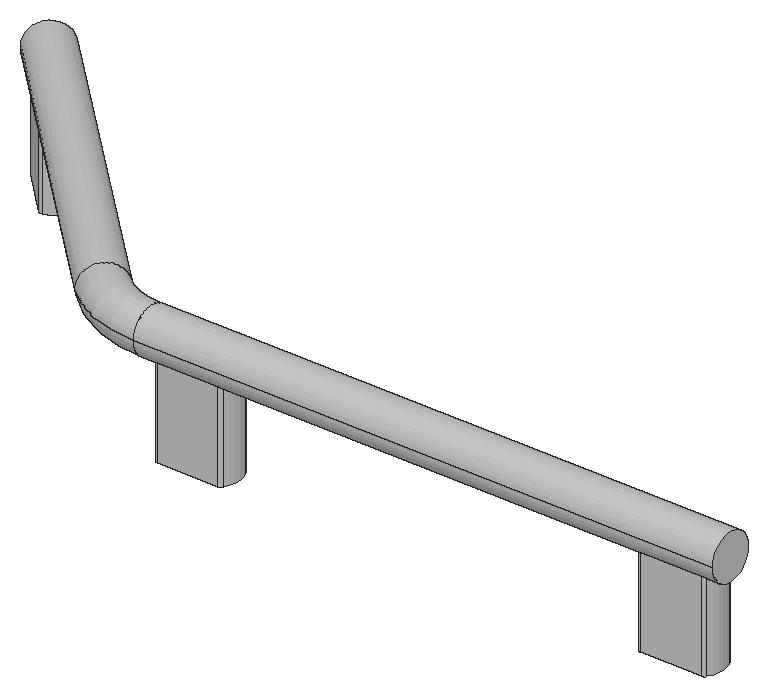
Revit family "135RH", category Plumbing Fixtures, host Face, Revit 2016
Family settings
  Host = Face
  Part Type = Normal
  Round Connector Dimension = Use Radius
  OmniClass Number = 23.40.20.21.47
  OmniClass Title = Bath Grab Bars
  Cut with Voids When Loaded = No
  Shared = No
  Room Calculation Point = No
Parameters (values of type "OPAL SUPPORT RAIL 135 DEG RH")
  Waste Connection = no
  Vent Connection = no
  URL = "https://www.caroma.com.au/"
  Rail_Height = 75 mm
  Model = "687379C"
  Material_Base = GWA_Metal-Stainless
  Manufacturer = "GWA Bathrooms & Kitchens"  # constant formula
  HW Connection = no
  Description = "Opal Support Rail 135 Deg RH"
  Default Elevation = 0 mm
  CreatedBy_ANZRS = "GWA Bathrooms & Kitchens"  # constant formula
  CW Connection = no
  Assembly Code = "C1030200"
Reference planes
  plane 1 "Center (Front/Back)": y = 0
  plane 2: z = 0
  plane 3 "Center (Left/Right)": x = 0
  plane 4 "Rail_Centre": z = 75
Forms (mm)
  Extrusion 1, solid, material "GWA_Metal-Stainless" <- "Material_Base"
    sketch origin (225, 0, 0) x (-1, 0, 0) y (0, -1, 0)
      loop
        arc (246.722, -11.5) -> (248.222, -11.098) -> (249.321, -10) r 3
        arc (249.321, -10) -> (252, 0) -> (249.321, 10) r 20
        arc (249.321, 10) -> (248.222, 11.098) -> (246.722, 11.5) r 3
        line (246.722, 11.5) -> (203.278, 11.5)
        arc (203.278, 11.5) -> (201.778, 11.098) -> (200.679, 10) r 3
        arc (200.679, 10) -> (198, 0) -> (200.679, -10) r 20
        arc (200.679, -10) -> (201.778, -11.098) -> (203.278, -11.5) r 3
        line (203.278, -11.5) -> (246.722, -11.5)
    from 0 to 75
  Extrusion 2, solid, material "GWA_Metal-Stainless" <- "Material_Base"
    sketch origin (-120, 0, 0) x (-1, 0, 0) y (0, -1, 0)
      loop
        arc (246.722, -11.5) -> (248.222, -11.098) -> (249.321, -10) r 3
        arc (249.321, -10) -> (252, 0) -> (249.321, 10) r 20
        arc (249.321, 10) -> (248.222, 11.098) -> (246.722, 11.5) r 3
        line (246.722, 11.5) -> (203.278, 11.5)
        arc (203.278, 11.5) -> (201.778, 11.098) -> (200.679, 10) r 3
        arc (200.679, 10) -> (198, 0) -> (200.679, -10) r 20
        arc (200.679, -10) -> (201.778, -11.098) -> (203.278, -11.5) r 3
        line (203.278, -11.5) -> (246.722, -11.5)
    from 0 to 75
  Extrusion 3, solid, material "GWA_Metal-Stainless" <- "Material_Base"
    sketch origin (-444.648, 34.648, 0) x (-0.707107, 0.707107, 0) y (-0.707107, -0.707107, 0)
      loop
        arc (246.722, -11.5) -> (248.222, -11.098) -> (249.321, -10) r 3
        arc (249.321, -10) -> (252, 0) -> (249.321, 10) r 20
        arc (249.321, 10) -> (248.222, 11.098) -> (246.722, 11.5) r 3
        line (246.722, 11.5) -> (203.278, 11.5)
        arc (203.278, 11.5) -> (201.778, 11.098) -> (200.679, 10) r 3
        arc (200.679, 10) -> (198, 0) -> (200.679, -10) r 20
        arc (200.679, -10) -> (201.778, -11.098) -> (203.278, -11.5) r 3
        line (203.278, -11.5) -> (246.722, -11.5)
    from 0 to 75
  Sweep 4, solid, material "GWA_Metal-Stainless" <- "Material_Base"
    path origin (0, 0, 75) x (1, 0, 0) y (0, 1, 0)
      loop
        line (33, 0) -> (-380.177, 0)
        arc (-380.177, 0) -> (-407.73, 5.481) -> (-431.088, 21.088) r 72
        line (-431.088, 21.088) -> (-627.082, 217.082)
    profile origin (-173.588, 0, 75) x (0, -1, 0) y (0, 0, 1)
      loop
        circle (0, 0) r 16
Lines and regions (mm)
  Masking region 1
    outline origin (0, 0, 0) x (0, 1, 0) y (0, 0, 1)
      loop
        line (218.118, 0) -> (218.118, 59.067)
        spline (218.118, 59.067) -> (220.917, 59.947) -> (223.47, 61.795) -> (225.613, 64.49) -> (227.207, 67.861) -> (228.151, 71.691) -> (228.384, 75.733) -> (227.89, 79.728) -> (226.702, 83.42) -> (224.896, 86.57) -> (222.588, 88.977) -> (219.926, 90.486) -> (217.082, 91)
        line (217.082, 91) -> (0, 91)
        arc (0, 91) -> (-14.731, 81.245) -> (-11.5, 63.876) r 16
        line (-11.5, 63.876) -> (-11.5, 0) -> (11.5, 0) -> (11.5, 59) -> (169.377, 59) -> (169.377, 0) -> (218.118, 0)
  Masking region 2
    outline origin (0, 0, 75) x (1, 0, 0) y (0, 1, 0)
      loop
        line (33, 16) -> (-380.177, 16)
        arc (-380.177, 16) -> (-401.607, 20.263) -> (-419.775, 32.402) r 56
        line (-419.775, 32.402) -> (-615.768, 228.395) -> (-638.395, 205.768) -> (-442.402, 9.775)
        arc (-442.402, 9.775) -> (-413.853, -9.301) -> (-380.177, -16) r 88
        line (-380.177, -16) -> (33, -16) -> (33, 16)
  Masking region 3
    outline origin (0, 0, 0) x (-1, 0, 0) y (0, 0, -1)
      loop
        line (-27, 0) -> (-27, -59) -> (-33, -59) -> (-33, -91) -> (627.082, -91)
        spline (627.082, -91) -> (629.926, -90.486) -> (632.588, -88.977) -> (634.896, -86.57) -> (636.702, -83.42) -> (637.89, -79.728) -> (638.384, -75.733) -> (638.151, -71.691) -> (637.207, -67.861) -> (635.613, -64.49) -> (633.47, -61.795) -> (630.917, -59.947) -> (628.118, -59.067)
        line (628.118, -59.067) -> (628.118, 0) -> (579.372, 0) -> (579.372, -59) -> (372, -59) -> (372, 0) -> (318, 0) -> (318, -59) -> (27, -59) -> (27, 0) -> (-27, 0)
  symbolic lines
    curve 1: line (0, 11.5, 0) -> (0, 11.5, 59)
    curve 2: line (0, 11.5, 0) -> (0, -11.5, 0)
    curve 3: line (0, -11.5, 0) -> (0, -11.5, 63.876)
    curve 4: circle (0, 0, 75) r 16 normal (1, 0, 0)
    curve 5: line (0, 0, 91) -> (0, 217.082, 91)
    curve 6: line (0, 0, 59) -> (0, 169.377, 59)
    curve 7: line (0, 169.377, 0) -> (0, 169.377, 63.076)
    curve 8: line (0, 218.118, 0) -> (0, 218.118, 59.067)
    curve 9: spline (0, 205.768, 75) -> (0, 206.154, 70.859) -> (0, 207.284, 67) -> (0, 209.082, 63.686) -> (0, 211.425, 61.144) -> (0, 214.154, 59.545) -> (0, 217.082, 59) -> (0, 220.01, 59.545) -> (0, 222.739, 61.144) -> (0, 225.082, 63.686) -> (0, 226.88, 67) -> (0, 228.01, 70.859) -> (0, 228.395, 75)
    curve 10: spline (0, 228.395, 75) -> (0, 228.01, 79.141) -> (0, 226.88, 83) -> (0, 225.082, 86.314) -> (0, 222.739, 88.856) -> (0, 220.01, 90.455) -> (0, 217.082, 91) -> (0, 214.154, 90.455) -> (0, 211.425, 88.856) -> (0, 209.082, 86.314) -> (0, 207.284, 83) -> (0, 206.154, 79.141) -> (0, 205.768, 75)
    curve 11: line (0, 170.177, 63.876) -> (0, 201.06, 63.876)
    curve 12: arc (0, 169.377, 63.076) -> (0, 169.611, 63.641) -> (0, 170.177, 63.876) r 0.8
    curve 13: line (0, 217.082, 59) -> (0, 212.741, 59)
    curve 14: spline (0, 201.06, 63.876) -> (0, 201.281, 63.84) -> (0, 201.512, 63.787) -> (0, 201.749, 63.719) -> (0, 201.992, 63.634) -> (0, 202.237, 63.535) -> (0, 202.483, 63.422) -> (0, 202.728, 63.296) -> (0, 202.969, 63.157) -> (0, 203.206, 63.008) -> (0, 203.435, 62.848) -> (0, 203.655, 62.681) -> (0, 203.865, 62.506)
    curve 15: arc (0, 212.741, 59) -> (0, 210.9, 59.18) -> (0, 209.128, 59.711) r 9.53
    curve 16: arc (0, 209.128, 59.711) -> (0, 206.427, 60.978) -> (0, 203.865, 62.506) r 30.052
    curve 17: line (33, 16, 75) -> (-380.177, 16, 75)
    curve 18: line (33, -16, 75) -> (-380.177, -16, 75)
    curve 19: line (-638.395, 205.768, 75) -> (-442.402, 9.775, 75)
    curve 20: line (-638.395, 205.768, 75) -> (-615.768, 228.395, 75)
    curve 21: line (-615.768, 228.395, 75) -> (-419.775, 32.402, 75)
    curve 22: line (33, 16, 75) -> (33, -16, 75)
    curve 23: arc (-380.177, 16, 75) -> (-401.607, 20.263, 75) -> (-419.775, 32.402, 75) r 56
    curve 24: arc (-380.177, -16, 75) -> (-413.853, -9.301, 75) -> (-442.402, 9.775, 75) r 88
    curve 25: line (27, 0, 0) -> (27, 0, 59)
    curve 26: line (27, 0, 0) -> (-27, 0, 0)
    curve 27: line (-27, 0, 0) -> (-27, 0, 59)
    curve 28: line (-21.774, 0, 63.876) -> (21.774, 0, 63.876)
    curve 29: line (27, 0, 59) -> (24.152, 0, 62.704)
    curve 30: arc (21.774, 0, 63.876) -> (23.099, 0, 63.567) -> (24.152, 0, 62.704) r 3
    curve 31: line (-27, 0, 59) -> (-24.152, 0, 62.704)
    curve 32: arc (-21.774, 0, 63.876) -> (-23.099, 0, 63.567) -> (-24.152, 0, 62.704) r 3
    curve 33: line (-318, 0, 0) -> (-318, 0, 59)
    curve 34: line (-318, 0, 0) -> (-372, 0, 0)
    curve 35: line (-372, 0, 0) -> (-372, 0, 59)
    curve 36: line (-366.774, 0, 63.876) -> (-323.226, 0, 63.876)
    curve 37: line (-318, 0, 59) -> (-320.848, 0, 62.704)
    curve 38: arc (-323.226, 0, 63.876) -> (-321.901, 0, 63.567) -> (-320.848, 0, 62.704) r 3
    curve 39: line (-372, 0, 59) -> (-369.152, 0, 62.704)
    curve 40: arc (-366.774, 0, 63.876) -> (-368.099, 0, 63.567) -> (-369.152, 0, 62.704) r 3
    curve 41: line (33, 0, 59) -> (33, 0, 91)
    curve 42: line (33, 0, 91) -> (-627.082, 0, 91)
    curve 43: line (33, 0, 59) -> (27, 0, 59)
    curve 44: line (-27, 0, 59) -> (-318, 0, 59)
    curve 45: line (-372, 0, 59) -> (-579.372, 0, 59)
    curve 46: spline (-615.768, 0, 75) -> (-616.154, 0, 79.141) -> (-617.284, 0, 83) -> (-619.082, 0, 86.314) -> (-621.425, 0, 88.856) -> (-624.154, 0, 90.455) -> (-627.082, 0, 91) -> (-630.01, 0, 90.455) -> (-632.739, 0, 88.856) -> (-635.082, 0, 86.314) -> (-636.88, 0, 83) -> (-638.01, 0, 79.141) -> (-638.395, 0, 75)
    curve 47: spline (-638.395, 0, 75) -> (-638.01, 0, 70.859) -> (-636.88, 0, 67) -> (-635.082, 0, 63.686) -> (-632.739, 0, 61.144) -> (-630.01, 0, 59.545) -> (-627.082, 0, 59) -> (-624.154, 0, 59.545) -> (-621.425, 0, 61.144) -> (-619.082, 0, 63.686) -> (-617.284, 0, 67) -> (-616.154, 0, 70.859) -> (-615.768, 0, 75)
    curve 48: line (-611.021, 0, 63.882) -> (-580.172, 0, 63.882)
    curve 49: spline (-613.791, 0, 62.577) -> (-613.573, 0, 62.734) -> (-613.347, 0, 62.886) -> (-613.113, 0, 63.032) -> (-612.875, 0, 63.17) -> (-612.634, 0, 63.299) -> (-612.391, 0, 63.419) -> (-612.15, 0, 63.527) -> (-611.911, 0, 63.624) -> (-611.677, 0, 63.709) -> (-611.449, 0, 63.78) -> (-611.23, 0, 63.838) -> (-611.021, 0, 63.882)
    curve 50: line (-628.118, 0, 0) -> (-628.118, 0, 59.067)
    curve 51: line (-627.082, 0, 59) -> (-622.777, 0, 59)
    curve 52: arc (-622.777, 0, 59) -> (-621.028, 0, 59.163) -> (-619.34, 0, 59.646) r 9.47
    curve 53: arc (-619.34, 0, 59.646) -> (-616.481, 0, 60.952) -> (-613.791, 0, 62.577) r 27.463
    curve 54: line (-579.372, 0, 63.082) -> (-579.372, 0, 0)
    curve 55: arc (-580.172, 0, 63.882) -> (-579.606, 0, 63.648) -> (-579.372, 0, 63.082) r 0.8
    curve 56: line (-628.118, 0, 0) -> (-579.372, 0, 0)
Dimensions and locks
  "Rail_Height": plane 4 "Rail_Centre" to host face
  aligned and locked: plane 2 to host face
  aligned and locked: level to host face
  aligned and locked: Masking region 3 sketch curve to curve 54
Automatic sketch dimensions
  curve 3 to level = 0 mm
  curve 4 to plane 1 "Center (Front/Back)" = 0 mm
  curve 5 to plane 1 "Center (Front/Back)" = 0 mm
  curve 6 to plane 1 "Center (Front/Back)" = 0 mm
  curve 7 to level = 0 mm
  curve 9 to plane 4 "Rail_Centre" = 0 mm
  curve 8 to level = 0 mm
  curve 4 to plane 4 "Rail_Centre" = 0 mm
  plane 1 "Center (Front/Back)" to curve 2 = 11.5 mm
  curve 1 to plane 1 "Center (Front/Back)" = 11.5 mm
  curve 7 to plane 4 "Rail_Centre" = 11.924 mm
  curve 1 to curve 7 = 157.877 mm
  curve 12 to curve 12 = 0.8 mm
  curve 11 to curve 11 = 30.883 mm
  curve 14 to curve 13 = 11.681 mm
  plane 4 "Rail_Centre" to curve 16 = 12.52 mm
  curve 15 to curve 16 = 7.78 mm
  curve 13 to curve 14 = 4.876 mm
  curve 15 to plane 4 "Rail_Centre" = 6.47 mm
  curve 14 to curve 11 = 1.309 mm
  curve 14 to curve 14 = 1.281 mm
  curve 14 to curve 14 = 1.524 mm
  curve 9 to curve 15 = 6.973 mm
  curve 16 to curve 15 = 0 mm
  curve 15 to curve 9 = 4.341 mm
  curve 5 to curve 16 = 3.439 mm
  curve 13 to curve 9 = 0 mm
  curve 10 to curve 8 = 1.036 mm
  curve 10 to curve 13 = 0 mm
  curve 47 to plane 4 "Rail_Centre" = 0 mm
  curve 56 to level = 0 mm
  curve 35 to level = 0 mm
  curve 27 to level = 0 mm
  plane 4 "Rail_Centre" to curve 53 = 10.236 mm
  curve 53 to plane 3 "Center (Left/Right)" = 629.308 mm
  curve 53 to curve 56 = 1.19 mm
  curve 50 to curve 51 = 5.341 mm
  curve 52 to curve 48 = 11.756 mm
  curve 48 to plane 4 "Rail_Centre" = 11.118 mm
  curve 48 to curve 48 = 30.848 mm
  curve 50 to curve 56 = 48.746 mm
  curve 45 to plane 4 "Rail_Centre" = 16 mm
  curve 45 to curve 45 = 207.372 mm
  curve 39 to plane 4 "Rail_Centre" = 12.296 mm
  curve 45 to curve 39 = 2.848 mm
  curve 39 to curve 36 = 2.378 mm
  curve 40 to curve 36 = 43.547 mm
  curve 37 to plane 4 "Rail_Centre" = 12.296 mm
  curve 38 to curve 37 = 2.378 mm
  curve 38 to curve 44 = 2.848 mm
  curve 27 to plane 3 "Center (Left/Right)" = 27 mm
  curve 44 to curve 31 = 2.848 mm
  curve 32 to curve 32 = 2.378 mm
  curve 28 to plane 4 "Rail_Centre" = 11.124 mm
  plane 3 "Center (Left/Right)" to curve 28 = 21.774 mm
  curve 29 to plane 4 "Rail_Centre" = 12.296 mm
  curve 28 to curve 29 = 2.378 mm
  curve 29 to curve 25 = 2.848 mm
  curve 28 to curve 41 = 11.226 mm
  curve 31 to curve 32 = 4.876 mm
  curve 51 to curve 48 = 4.882 mm
  curve 41 to curve 30 = 3.704 mm
  curve 32 to curve 32 = 3 mm
  curve 40 to curve 39 = 1.829 mm
  curve 52 to plane 4 "Rail_Centre" = 6.53 mm
  plane 4 "Rail_Centre" to curve 41 = 16 mm
  curve 46 to curve 53 = 9.088 mm
  curve 53 to curve 46 = 2.226 mm
  curve 50 to curve 51 = 1.036 mm
  curve 42 to curve 46 = 0 mm
  curve 53 to curve 52 = 0 mm
  curve 53 to curve 49 = 4.196 mm
  curve 49 to curve 49 = 1.352 mm
  curve 53 to curve 49 = 1.296 mm
  host sketch curve to host sketch curve = 2438.4 mm  (x2)
  curve 23 to curve 24 = 0 mm  (x2)
  curve 17 to plane 1 "Center (Front/Back)" = 16 mm
  plane 3 "Center (Left/Right)" to curve 17 = 33 mm
  curve 24 to plane 1 "Center (Front/Back)" = 72 mm
  curve 24 to plane 3 "Center (Left/Right)" = 380.177 mm
  curve 21 to plane 1 "Center (Front/Back)" = 32.402 mm
  curve 19 to plane 1 "Center (Front/Back)" = 9.775 mm
  curve 23 to curve 19 = 22.627 mm
  curve 20 to plane 1 "Center (Front/Back)" = 228.395 mm
  curve 21 to curve 20 = 195.993 mm
  Masking region 1 sketch curve to level = 0 mm  (x2)
  Masking region 1 sketch curve to plane 1 "Center (Front/Back)" = 0 mm
  Masking region 1 sketch curve to plane 4 "Rail_Centre" = 0 mm  (x2)
  plane 1 "Center (Front/Back)" to Masking region 1 sketch curve = 11.5 mm
  Masking region 1 sketch curve to plane 1 "Center (Front/Back)" = 11.5 mm
  Masking region 1 sketch curve to plane 4 "Rail_Centre" = 16 mm
  Masking region 1 sketch curve to Masking region 1 sketch curve = 157.877 mm
  Masking region 1 sketch curve to Masking region 1 sketch curve = 47.705 mm
  Masking region 1 sketch curve to Masking region 1 sketch curve = 48.741 mm
  Masking region 1 sketch curve to plane 4 "Rail_Centre" = 15.933 mm
  Masking region 1 sketch curve to Masking region 1 sketch curve = 11.124 mm
  plane 1 "Center (Front/Back)" to Extrusion 1 sketch curve = 0 mm  (x2)
  Extrusion 1 sketch curve to plane 1 "Center (Front/Back)" = 8.5 mm
  plane 3 "Center (Left/Right)" to Extrusion 1 sketch curve = 21.722 mm
  plane 1 "Center (Front/Back)" to Extrusion 1 sketch curve = 8.5 mm  (x2)
  Extrusion 1 sketch curve to Extrusion 1 sketch curve = 0 mm  (x3)
  plane 3 "Center (Left/Right)" to Extrusion 1 sketch curve = 7 mm
  Extrusion 1 sketch curve to plane 3 "Center (Left/Right)" = 7 mm
  Extrusion 1 sketch curve to Extrusion 1 sketch curve = 14.722 mm  (x2)
  Extrusion 1 sketch curve to plane 1 "Center (Front/Back)" = 11.5 mm
  Extrusion 1 sketch curve to Extrusion 1 sketch curve = 3 mm  (x2)
  plane 1 "Center (Front/Back)" to Extrusion 2 sketch curve = 0 mm  (x2)
  Extrusion 2 sketch curve to plane 1 "Center (Front/Back)" = 8.5 mm
  Extrusion 2 sketch curve to plane 3 "Center (Left/Right)" = 323.278 mm
  plane 1 "Center (Front/Back)" to Extrusion 2 sketch curve = 8.5 mm  (x2)
  Extrusion 2 sketch curve to Extrusion 2 sketch curve = 0 mm  (x3)
  Extrusion 2 sketch curve to Extrusion 2 sketch curve = 14.722 mm  (x3)
  Extrusion 2 sketch curve to Extrusion 2 sketch curve = 14 mm
  Extrusion 2 sketch curve to plane 1 "Center (Front/Back)" = 11.5 mm
  Extrusion 2 sketch curve to Extrusion 2 sketch curve = 3 mm  (x2)
  Extrusion 3 sketch curve to plane 1 "Center (Front/Back)" = 184.398 mm
  Extrusion 3 sketch curve to plane 3 "Center (Left/Right)" = 582.377 mm
  Extrusion 3 sketch curve to Extrusion 3 sketch curve = 0 mm  (x5)
  Extrusion 3 sketch curve to Extrusion 3 sketch curve = 14.722 mm  (x3)
  Extrusion 3 sketch curve to Extrusion 3 sketch curve = 14 mm
  Extrusion 3 sketch curve to Extrusion 3 sketch curve = 3 mm  (x2)
  Extrusion 3 sketch curve to Extrusion 3 sketch curve = 8.5 mm
  Extrusion 3 sketch curve to Extrusion 3 sketch curve = 17 mm  (x2)
  plane 1 "Center (Front/Back)" to Sweep 4 sketch curve = 0 mm
  Sweep 4 sketch curve to plane 1 "Center (Front/Back)" = 21.088 mm
  Sweep 4 sketch curve to plane 3 "Center (Left/Right)" = 431.088 mm
  Sweep 4 sketch curve to plane 1 "Center (Front/Back)" = 72 mm
  Sweep 4 sketch curve to plane 1 "Center (Front/Back)" = 217.082 mm
  Sweep 4 sketch curve to Sweep 4 sketch curve = 195.993 mm
  plane 3 "Center (Left/Right)" to Sweep 4 sketch curve = 33 mm
  Sweep 4 sketch curve to profile plane = 0 mm  (x2)
  Masking region 2 sketch curve to Masking region 2 sketch curve = 0 mm  (x2)
  Masking region 2 sketch curve to plane 1 "Center (Front/Back)" = 205.768 mm
  Masking region 2 sketch curve to plane 3 "Center (Left/Right)" = 638.395 mm
  Masking region 2 sketch curve to plane 1 "Center (Front/Back)" = 228.395 mm
  Masking region 2 sketch curve to Masking region 2 sketch curve = 22.627 mm
  Masking region 2 sketch curve to plane 1 "Center (Front/Back)" = 9.775 mm
  Masking region 2 sketch curve to plane 1 "Center (Front/Back)" = 32.402 mm
  plane 1 "Center (Front/Back)" to Masking region 2 sketch curve = 16 mm
  Masking region 2 sketch curve to Masking region 2 sketch curve = 39.598 mm
  plane 3 "Center (Left/Right)" to Masking region 2 sketch curve = 33 mm
  Masking region 3 sketch curve to level = 0 mm  (x3)
  Masking region 3 sketch curve to plane 4 "Rail_Centre" = 0 mm
  Masking region 3 sketch curve to Masking region 3 sketch curve = 207.372 mm
  Masking region 3 sketch curve to plane 4 "Rail_Centre" = 16 mm  (x3)
  Masking region 3 sketch curve to Masking region 3 sketch curve = 54 mm
  Masking region 3 sketch curve to plane 3 "Center (Left/Right)" = 27 mm
  plane 3 "Center (Left/Right)" to Masking region 3 sketch curve = 27 mm
  Masking region 3 sketch curve to Masking region 3 sketch curve = 6 mm
  plane 4 "Rail_Centre" to Masking region 3 sketch curve = 16 mm
  Masking region 3 sketch curve to Masking region 3 sketch curve = 47.71 mm
  Masking region 3 sketch curve to Masking region 3 sketch curve = 48.746 mm
  Masking region 3 sketch curve to Masking region 3 sketch curve = 15.933 mm
  radius of Sweep 4 sketch curve = 16 mm
